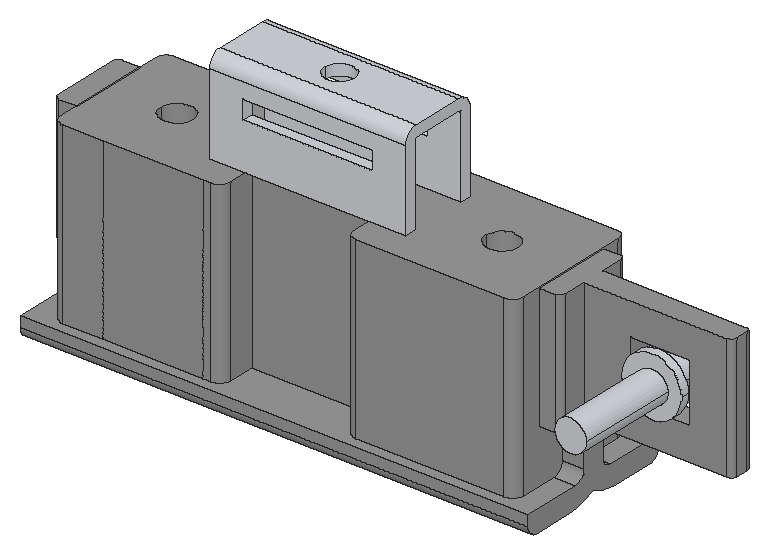
Revit family "EX BES 28 Fertigartikelstamm-Anlage", category Generic Models, Revit 2017
Family settings
  Can host rebar = No
  Round Connector Dimension = Use Diameter
  Part Type = Normal
  Work Plane-Based = No
  Always vertical = Yes
  Cut with Voids When Loaded = No
  Shared = No
  Room Calculation Point = No
Parameters (values of type "EX BES 300")
  URL = "http://www.obo-bettermann.com"
  Material = UV stabilisierte und halogenfreie Kunststoff
  Manufacturer Art.No. = "5057640"
  Manufacturer = "OBO BETTERMANN"
  GTIN = "4012196672820"
  Article Type = "EX BES 300"
Reference planes
  plane 1 "Center (Front/Back)": y = 0
  plane 2: z = 0
  plane 3 "Center (Left/Right)": x = 0
  plane 4: x = 61.25
  plane 5: x = -61.25
  plane 6: y = 13
  plane 7: y = -13
  plane 8: x = -13
  plane 9: x = 13
  plane 10: z = 33
  plane 11: z = 50.4
  plane 12: y = -7.4
  plane 13: y = 7.4
  plane 14: x = -18.25
  plane 15: x = 18.25
  plane 16: z = 41.65
  plane 17: x = -30.25
  plane 18: x = 30.25
  plane 19: x = 74.78
  plane 20: z = 10
  plane 21: x = 61.28
  plane 22: z = 21.5
  plane 23: x = 74.78
  plane 24: through (66.78, 0, 27.036) normal (-0.7071, 0, 0.7071)
  plane 25: through (55.811, 0, 27.036) normal (-0.7071, 0, -0.7071)
  plane 26: y = -22.85
  plane 27: through (66.78, 0, 27.036) normal (-0.7071, 0, 0.7071)
  plane 28: through (55.811, 0, 27.036) normal (-0.7071, 0, -0.7071)
  plane 29: y = 6.15
  plane 30: through (55.811, -1524, 27.036) normal (0.7071, 0, 0.7071)
  plane 31: through (66.78, -1524, 27.036) normal (0.7071, 0, -0.7071)
  plane 32: y = -4.716
  plane 33: y = -2.516
  plane 34: y = -2.516
  plane 35: y = -4.716
Forms (mm)
  Extrusion 1, solid, material "UV stabilisierte und halogenfreie Kunststoff" <- "Material"
    sketch origin (0, 0, 0) x (1, 0, 0) y (0, 1, 0)
      loop
        line (-33.7, 13) -> (-41, 13)
        arc (-41, 13) -> (-42.414, 12.414) -> (-43, 11) r 2
        line (-43, 11) -> (-43, 3.7) -> (-43, -11)
        arc (-43, -11) -> (-42.414, -12.414) -> (-41, -13) r 2
        line (-41, -13) -> (-33.7, -13) -> (-15, -13) -> (-13.5, -13)
        arc (-13.5, -13) -> (-12.086, -12.414) -> (-11.5, -11) r 2
        line (-11.5, -11) -> (-11.5, -6.098) -> (11.5, -6.098) -> (11.5, -11)
        arc (11.5, -11) -> (12.086, -12.414) -> (13.5, -13) r 2
        line (13.5, -13) -> (41, -13)
        arc (41, -13) -> (42.414, -12.414) -> (43, -11) r 2
        line (43, -11) -> (43, 11)
        arc (43, 11) -> (42.414, 12.414) -> (41, 13) r 2
        line (41, 13) -> (15, 13) -> (13.5, 13)
        arc (13.5, 13) -> (12.086, 12.414) -> (11.5, 11) r 2
        line (11.5, 11) -> (11.5, 6.126) -> (-11.5, 6.126) -> (-11.5, 11)
        arc (-11.5, 11) -> (-12.086, 12.414) -> (-13.5, 13) r 2
        line (-13.5, 13) -> (-15, 13) -> (-33.7, 13)
    from 0 to 33
  Extrusion 2, solid
    sketch origin (0, 0, 0) x (0, 1, 0) y (0, 0, 1)
      loop
        line (-7.4, 33) -> (-5.4, 33) -> (-5.4, 47.9)
        arc (-5.4, 47.9) -> (-5.254, 48.254) -> (-4.9, 48.4) r 0.5
        line (-4.9, 48.4) -> (4.9, 48.4)
        arc (4.9, 48.4) -> (5.254, 48.254) -> (5.4, 47.9) r 0.5
        line (5.4, 47.9) -> (5.4, 33) -> (7.4, 33) -> (7.4, 47.9)
        arc (7.4, 47.9) -> (6.668, 49.668) -> (4.9, 50.4) r 2.5
        line (4.9, 50.4) -> (-4.9, 50.4)
        arc (-4.9, 50.4) -> (-6.668, 49.668) -> (-7.4, 47.9) r 2.5
        line (-7.4, 47.9) -> (-7.4, 33)
    from -18.25 to 18.25
  Extrusion 3, void
    sketch origin (0, 0, 0) x (1, 0, 0) y (0, 0, 1)
      loop
        line (0, 41.65) -> (12.001, 41.65) -> (12.001, 45.15) -> (-11.985, 45.15) -> (-11.985, 41.65) -> (0, 41.65)
    from -7.4 to -5.4
  Extrusion 4, void
    sketch origin (0, 0, 0) x (1, 0, 0) y (0, 0, 1)
      loop
        line (-11.985, 45.15) -> (-11.985, 41.65) -> (12.001, 41.65) -> (12.001, 45.15) -> (-11.985, 45.15)
    from 5.4 to 7.4
  Extrusion 5, void
    sketch origin (0, 0, 0) x (1, 0, 0) y (0, 1, 0)
      loop
        circle (-30.25, 0) r 3
      loop
        circle (30.25, 0) r 3.021
    from 25.237 to 50.4
  Extrusion 6, void
    sketch origin (0, 0, 0) x (1, 0, 0) y (0, 1, 0)
      loop
        circle (0, 0) r 2.75
    from 48.4 to 50.4
  Extrusion 7, solid, material "UV stabilisierte und halogenfreie Kunststoff" <- "Material"
    sketch origin (0, 0, 0) x (1, 0, 0) y (0, 1, 0)
      loop
        line (43, 7.4) -> (43, -7.4) -> (46.158, -7.4)
        arc (46.158, -7.4) -> (46.886, -7.079) -> (47.14, -6.325) r 0.986
        line (47.14, -6.325) -> (47.14, -2.15) -> (73.759, -2.15)
        arc (73.759, -2.15) -> (74.481, -1.851) -> (74.78, -1.129) r 1.021
        line (74.78, -1.129) -> (74.78, 1.128)
        arc (74.78, 1.128) -> (74.481, 1.851) -> (73.758, 2.15) r 1.022
        line (73.758, 2.15) -> (47.14, 2.15) -> (47.14, 6.404)
        arc (47.14, 6.404) -> (46.848, 7.108) -> (46.144, 7.4) r 0.996
        line (46.144, 7.4) -> (43, 7.4)
    from 10 to 33
  Extrusion 8, solid, material "UV stabilisierte und halogenfreie Kunststoff" <- "Material"
    sketch origin (0, 0, 0) x (1, 0, 0) y (0, 1, 0)
      loop
        line (-43, 7.4) -> (-46.255, 7.4)
        arc (-46.255, 7.4) -> (-46.937, 7.117) -> (-47.22, 6.435) r 0.965
        line (-47.22, 6.435) -> (-47.22, -6.444)
        arc (-47.22, -6.444) -> (-46.94, -7.12) -> (-46.264, -7.4) r 0.956
        line (-46.264, -7.4) -> (-43, -7.4) -> (-43, 7.4)
    from 10 to 33
  Extrusion 9, void
    sketch origin (0, 0, 0) x (1, 0, 0) y (0, 0, 1)
      loop
        line (55.811, 27.036) -> (55.811, 16) -> (66.78, 16) -> (66.78, 27.036) -> (55.811, 27.036)
    from -2.15 to 2.15
  Extrusion 10, solid, material "UV stabilisierte und halogenfreie Kunststoff" <- "Material"
    sketch origin (0, 0, 0) x (0, 1, 0) y (0, 0, 1)
      loop
        line (-2.15, 10) -> (-2.15, 2)
        arc (-2.15, 2) -> (-2.736, 0.586) -> (-4.15, 0) r 2
        line (-4.15, 0) -> (-15.154, 0) -> (-15.154, -1.92)
        arc (-15.154, -1.92) -> (-14.568, -3.334) -> (-13.154, -3.92) r 2
        line (-13.154, -3.92) -> (-4.876, -3.92)
        arc (-4.876, -3.92) -> (-3.129, -3.699) -> (-1.5, -3.054) r 7
        arc (-1.5, -3.054) -> (0, -2.652) -> (1.491, -3.047) r 3
        arc (1.491, -3.047) -> (3.128, -3.698) -> (4.876, -3.92) r 7
        line (4.876, -3.92) -> (13.138, -3.92)
        arc (13.138, -3.92) -> (14.553, -3.334) -> (15.138, -1.92) r 2
        line (15.138, -1.92) -> (15.138, 0) -> (4.15, 0)
        arc (4.15, 0) -> (2.736, 0.586) -> (2.15, 2) r 2
        line (2.15, 2) -> (2.15, 10) -> (-2.15, 10)
    from -47.22 to 47.14
  Extrusion 11, solid
    sketch origin (0, 0, 0) x (1, 0, 0) y (0, 0, 1)
      loop
        circle (61.296, 21.551) r 2.96
    from -2.15 to 22.85
  Extrusion 12, solid
    sketch origin (0, 0, 0) x (1, 0, 0) y (0, 0, 1)
      loop
        line (56.296, 18.665) -> (61.296, 15.778) -> (66.296, 18.665) -> (66.296, 24.438) -> (61.296, 27.325) -> (56.296, 24.438) -> (56.296, 18.665)
    from -2.15 to -6.126
  Extrusion 13, solid
    sketch origin (0, 0, 0) x (1, 0, 0) y (0, 0, 1)
      loop
        circle (61.296, 21.551) r 2.96
      loop
        circle (61.296, 21.551) r 5.5
    from 2.516 to 4.101
Cuts and joins
  Extrusion 3, Extrusion 4, Extrusion 6 cuts Extrusion 2
  Extrusion 5, Extrusion 6 cuts Extrusion 1
  Extrusion 9 cuts Extrusion 7
Dimensions and locks
  locked: Extrusion 1 sketch curve to Extrusion 1 sketch curve at 26  (x2)
  locked: Extrusion 1 sketch curve to Extrusion 1 sketch curve at 12.224
  locked: plane 10 to level at 33
  locked: plane 3 "Center (Left/Right)" to Extrusion 1 sketch curve at 43
  locked: Extrusion 1 sketch curve to Extrusion 1 sketch curve at 86
  locked: Extrusion 1 sketch curve to plane 3 "Center (Left/Right)" at 11.5
  locked: plane 3 "Center (Left/Right)" to Extrusion 1 sketch curve at 11.5
  locked: plane 17 to plane 3 "Center (Left/Right)" at 30.25
  locked: plane 3 "Center (Left/Right)" to plane 18 at 30.25
  locked: plane 17 to Extrusion 5 sketch curve at 3
  locked: plane 17 to Extrusion 5 sketch curve at 0
  locked: plane 18 to Extrusion 5 sketch curve at 0
  locked: plane 18 to Extrusion 5 sketch curve at 3.021
  cut or joined group of Extrusion 2, Extrusion 3, Extrusion 4, Extrusion 6 to plane 3 "Center (Left/Right)" = 18.25 mm
  locked: plane 3 "Center (Left/Right)" to Extrusion 6 sketch curve
  locked: plane 3 "Center (Left/Right)" to Extrusion 6 sketch curve at 2.75
  locked: cut or joined group of Extrusion 1, Extrusion 5, Extrusion 6 to plane 19 at 31.78
  locked: Extrusion 7 sketch curve to Extrusion 7 sketch curve at 4.3
  locked: plane 1 "Center (Front/Back)" to Extrusion 7 sketch curve at 2.15
  locked: cut or joined group of Extrusion 1, Extrusion 5, Extrusion 6 to Extrusion 7 sketch curve at 4.14
  locked: Extrusion 7 to Extrusion 7 at 23
  locked: Extrusion 8 sketch curve to cut or joined group of Extrusion 1, Extrusion 5, Extrusion 6 at 4.22
  locked: Extrusion 7 to plane 22 at 11.5
  locked: plane 23 to Extrusion 7 at 27.64
  plane 23 to plane 21 = 13.5 mm
  locked: Extrusion 9 sketch curve to Extrusion 9 sketch curve at 11.036
  locked: Extrusion 9 sketch curve to Extrusion 9 sketch curve at 10.969
  locked: plane 21 to Extrusion 9 sketch curve at 5.5
  locked: plane 22 to Extrusion 9 sketch curve at 5.5
  locked: Extrusion 10 sketch curve to cut or joined group of Extrusion 1, Extrusion 5, Extrusion 6 at 3.92
  locked: Extrusion 10 sketch curve to Extrusion 10 sketch curve at 4.3
  locked: Extrusion 10 sketch curve to Extrusion 10 sketch curve at 30.292
  locked: plane 25 to Extrusion 11 sketch curve at 0
  locked: Extrusion 11 sketch curve to plane 24 at 2.96
  locked: plane 26 to cut or joined group of Extrusion 7, Extrusion 9 at 25
  locked: Extrusion 12 sketch curve to Extrusion 12 sketch curve at 10
  locked: plane 28 to Extrusion 12 sketch curve at 5
  locked: cut or joined group of Extrusion 7, Extrusion 9 to plane 29 at 4
  locked: plane 31 to Extrusion 13 sketch curve at 0
  locked: Extrusion 11 to plane 31 at 2.96
  locked: Extrusion 13 sketch curve to plane 31 at 5.5
  plane 32 to plane 33 = 2.2 mm
  aligned and locked: level to plane 2
  aligned and locked: plane 10 to Extrusion 1
  aligned and locked: Extrusion 2 to plane 15
  aligned and locked: Extrusion 2 to plane 14
  aligned and locked: plane 13 to Extrusion 3
  aligned and locked: Extrusion 2 to Extrusion 3
  aligned and locked: Extrusion 2 to Extrusion 4  (x2)
  aligned and locked: Extrusion 1 sketch curve to Extrusion 1 sketch curve  (x3)
  aligned and locked: plane 11 to Extrusion 5
  aligned and locked: Extrusion 2 to Extrusion 6
  aligned and locked: plane 11 to Extrusion 6
  aligned and locked: Extrusion 7 sketch curve to plane 19
  aligned and locked: Extrusion 7 to plane 20
  aligned and locked: plane 13 to Extrusion 8 sketch curve
  aligned and locked: Extrusion 8 to Extrusion 7
  aligned and locked: plane 10 to Extrusion 8
  aligned and locked: Extrusion 7 to Extrusion 9  (x2)
  aligned and locked: Extrusion 11 to plane 26
  aligned and locked: cut or joined group of Extrusion 7, Extrusion 9 to Extrusion 11
  aligned and locked: cut or joined group of Extrusion 1, Extrusion 5, Extrusion 6 to Extrusion 12
  aligned and locked: Extrusion 12 to cut or joined group of Extrusion 7, Extrusion 9
  aligned and locked: plane 34 to plane 33
  aligned and locked: plane 35 to plane 32
Automatic sketch dimensions
  Extrusion 2 sketch curve to Extrusion 2 sketch curve = 0 mm  (x4)
  Extrusion 2 sketch curve to plane 10 = 0 mm  (x2)
  Extrusion 2 sketch curve to plane 12 = 0 mm
  Extrusion 2 sketch curve to plane 11 = 0 mm
  Extrusion 2 sketch curve to plane 13 = 0 mm
  Extrusion 2 sketch curve to Extrusion 2 sketch curve = 2 mm
  Extrusion 2 sketch curve to Extrusion 2 sketch curve = 0.5 mm  (x2)
  Extrusion 3 sketch curve to plane 3 "Center (Left/Right)" = 0 mm
  Extrusion 3 sketch curve to plane 16 = 0 mm
  Extrusion 3 sketch curve to plane 14 = 6.265 mm
  plane 15 to Extrusion 3 sketch curve = 6.249 mm
  plane 16 to Extrusion 3 sketch curve = 3.5 mm
  plane 15 to Extrusion 4 sketch curve = 6.249 mm
  plane 10 to Extrusion 4 sketch curve = 8.65 mm
  Extrusion 4 sketch curve to Extrusion 4 sketch curve = 3.5 mm
  Extrusion 4 sketch curve to plane 14 = 6.265 mm
  Extrusion 1 sketch curve to plane 6 = 0 mm  (x2)
  Extrusion 1 sketch curve to Extrusion 1 sketch curve = 2 mm  (x3)
  plane 7 to Extrusion 1 sketch curve = 2 mm
  Extrusion 1 sketch curve to Extrusion 1 sketch curve = 7.3 mm  (x2)
  Extrusion 1 sketch curve to plane 8 = 2 mm  (x2)
  Extrusion 1 sketch curve to plane 8 = 0.5 mm  (x2)
  plane 9 to Extrusion 1 sketch curve = 0.5 mm  (x2)
  Extrusion 1 sketch curve to Extrusion 1 sketch curve = 1.5 mm
  plane 12 to Extrusion 1 sketch curve = 1.302 mm
  Extrusion 1 sketch curve to plane 1 "Center (Front/Back)" = 3.7 mm
  plane 1 "Center (Front/Back)" to Extrusion 5 sketch curve = 0 mm  (x2)
  plane 1 "Center (Front/Back)" to Extrusion 6 sketch curve = 0 mm
  Extrusion 7 sketch curve to plane 13 = 0 mm
  Extrusion 7 sketch curve to plane 12 = 0 mm
  Extrusion 7 sketch curve to plane 19 = 1.022 mm
  Extrusion 7 sketch curve to plane 13 = 0.996 mm
  plane 12 to Extrusion 7 sketch curve = 1.075 mm
  Extrusion 7 sketch curve to Extrusion 7 sketch curve = 0 mm
  Extrusion 7 sketch curve to Extrusion 7 sketch curve = 0.982 mm
  Extrusion 7 sketch curve to Extrusion 7 sketch curve = 3.144 mm
  Extrusion 7 sketch curve to plane 19 = 1.021 mm
  Extrusion 8 sketch curve to plane 12 = 0 mm
  Extrusion 8 sketch curve to Extrusion 8 sketch curve = 0.956 mm
  Extrusion 8 sketch curve to plane 13 = 0.965 mm
  Extrusion 8 sketch curve to Extrusion 8 sketch curve = 3.264 mm
  Extrusion 10 sketch curve to level = 0 mm  (x2)
  Extrusion 10 sketch curve to plane 20 = 0 mm
  Extrusion 10 sketch curve to plane 1 "Center (Front/Back)" = 0 mm
  plane 1 "Center (Front/Back)" to Extrusion 10 sketch curve = 2.15 mm
  level to Extrusion 10 sketch curve = 2 mm
  plane 12 to Extrusion 10 sketch curve = 2.524 mm
  Extrusion 10 sketch curve to level = 1.92 mm  (x2)
  Extrusion 10 sketch curve to Extrusion 10 sketch curve = 2 mm  (x2)
  Extrusion 10 sketch curve to Extrusion 10 sketch curve = 0.726 mm
  plane 13 to Extrusion 10 sketch curve = 5.738 mm
  Extrusion 10 sketch curve to Extrusion 10 sketch curve = 1.732 mm
  Extrusion 10 sketch curve to Extrusion 10 sketch curve = 1.08 mm  (x2)
  plane 1 "Center (Front/Back)" to Extrusion 10 sketch curve = 1.493 mm
  Extrusion 10 sketch curve to Extrusion 10 sketch curve = 0.007 mm  (x2)
  Extrusion 10 sketch curve to plane 1 "Center (Front/Back)" = 1.491 mm
  Extrusion 10 sketch curve to Extrusion 10 sketch curve = 0.009 mm
  plane 24 to Extrusion 11 sketch curve = 0 mm
  plane 20 to Extrusion 12 sketch curve = 8.665 mm  (x2)
  plane 20 to Extrusion 12 sketch curve = 5.778 mm
  Extrusion 12 sketch curve to Extrusion 12 sketch curve = 5 mm  (x2)
  Extrusion 12 sketch curve to plane 10 = 5.675 mm
  Extrusion 12 sketch curve to Extrusion 12 sketch curve = 2.887 mm
  Extrusion 13 sketch curve to Extrusion 13 sketch curve = 0 mm  (x2)
  Extrusion 13 sketch curve to plane 30 = 0 mm
  radius of Extrusion 13 sketch curve = 2.96 mm
